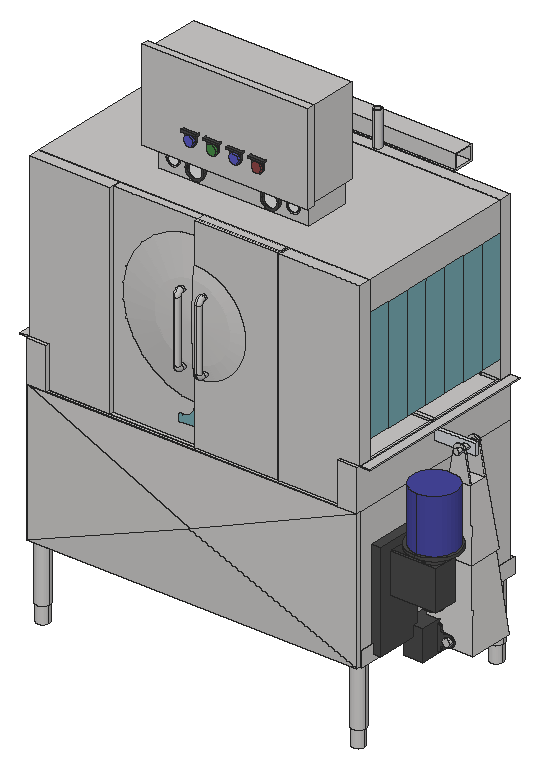
Revit family
Parameters (values of type "Requires Type Catalog QF_Stero_ER-44_L-R_E_cat.txt")
  Width = 3' - 8"
  Weight in Pounds = 850
  Watts = 15000 W
  Watermarked By = "http://revitwatermark.com"
  Waste Water Discharge Temperature [instance] = -459.67 °F
  Volts = 208 V
  Ventilation Remarks [instance] = ""
  URL Cutsheet = ""
  URL = "www.stero.com"
  Total Height = 5' - 10 1/2"
  Table Height = 2' - 10"
  Swing Doors [instance] = no
  Status [instance] = ""
  Standard Doors [instance] = not(Swing Doors)  # yes
  Specification by User [instance] = ""
  Specification by Manufacturer = ""
  Serial Number [instance] = ""
  Seismic Rating [instance] = ""
  SMACNA No [instance] = ""
  Right Ventilation Remarks [instance] = ""
  Right Vent [instance] = no
  Right Exhaust Volume [instance] = if(Right Vent, 400 CFM, 0 CFM)  # 0 CFM
  Right Exhaust Vent Width = 0' - 3 7/8"
  Right Exhaust Vent Text = "Vent, Unload End"
  Right Exhaust Vent Depth = 2' - 0 7/8"
  Right Exhaust Static Press = 0.00 in-wg
  Right Exhaust RI Height [instance] = 0' - 0"
  Right Exhaust Item Number [instance] = "-"
  Revision Code [instance] = ""
  Plumbing Remarks [instance] = ""
  Plumbing Connection Type [instance] = ""
  Phase = 1
  Number of Poles [instance] = 1
  NAFEM Spec ID Number [instance] = ""
  Model = "ER-44"
  Masterspec = ""
  Manufacturer = "Stero"
  Machine Height = 4' - 7 1/2"
  Left Vent [instance] = no
  Item Number [instance] = "-"
  Installed By [instance] = ""
  Indirect Waste Size = 2"
  Indirect Waste Flow [instance] = 0.00 GPM
  Indirect Waste Connection Type [instance] = ""
  Indirect Waste Connection Height = 0' - 6"
  Hot Water Usage Rack = "0.5 Gal/Rack"
  Hot Water Usage = "118 GPH"
  Hot Water Temperature = 180 °F
  Hot Water Size = 3/4"
  Hot Water RI Height [instance] = 0' - 0"
  Hot Water Minimum Pressure = 20.00 psi
  Hot Water Maximum Pressure = 20.00 psi
  Hot Water Flow = 1.97 GPM
  Hot Water Consumption = 1.97 GPM
  Hot Water Connection Height = 5' - 0"
  HP = "2.58"
  Furnished By [instance] = ""
  Foodservice Equipment Identifier [instance] = yes
  FL Amps = 50.4 A
  Exhaust Volume [instance] = if(Left Vent, 200 CFM, 0 CFM)  # 0 CFM
  Exhaust Vent Width = 0' - 3 7/8"
  Exhaust Vent Text = "Vent, Load End"
  Exhaust Vent Depth = 2' - 0 7/8"
  Exhaust Static Press = 0.00 in-wg
  Exhaust RI Height [instance] = 0' - 0"
  Electrical Remarks [instance] = ""
  Electric Connection Type [instance] = ""
  Elec Conn RI Height [instance] = 0' - 0"
  Elec Conn Connection Height = 5' - 8 1/2"
  Double Door Opening [instance] = if(Swing Doors, 3' 0", 1' 10 1/2")  # 1' - 10 1/2"
  Description = "Dishwasher, Conveyor"
  Depth = 2' - 1"
  Cycle = 60 Hz
  Conn Conduit = yes
  CSI MasterFormat = "11 48 13"
  Assembly Code = "E1090320"
  Apparent Power = if(Phase = 3, Volts * FL Amps * 1.73, Volts * FL Amps)  # 10483.2 VA
Values of the unnamed type that differ from the named types
  Watermarked By = ""
Reference planes (in)
  plane 1: z = 0
  plane 2 "LEFT": x = 2.32772
  plane 3 "BACK": y = -48
  plane 4 "TOP": z = 70.5
  plane 5 "RIGHT": x = 46.32772
  plane 6 "FRONT": y = -73
  plane 7 "Left of Top": x = 2.57772
  plane 8 "Right of Top": x = 46.07772
  plane 9 "Left of Ledge": x = 1.07772
  plane 10 "Right of Ledge": x = 47.57772
  plane 11 "Left End Cowl": x = -7.42228
  plane 12 "Right End Cowl": x = 56.32772
  plane 13: x = -0.48478
  plane 14: x = 49.39022
  plane 15 "Bottom of Machine": z = 10
  plane 16 "Table Height": z = 34
  plane 17 "Top of Machine": z = 55.5
  plane 18 "Panel Top": z = 28.5
  plane 19: z = 12
  plane 20: y = -73.5
  plane 21: y = -47.5
  plane 22: x = 2.07772
  plane 23: x = 46.57772
  plane 24: y = -49.625
  plane 25: y = -71.375
  plane 26 "Door Center": x = 24.32772
  plane 27: x = 13.07772
  plane 28: x = 35.57772
  plane 29 "Top of Opening": z = 51.5
  plane 30: z = 2.25
  plane 31: x = 14.32772
  plane 32: x = 34.32772
  plane 33: x = 13.32772
  plane 34: x = 35.32772
  plane 35 "Front of Lower Panel": y = -66.5
  plane 36: y = -60.5
  plane 37: y = -67
  plane 38 "Back of Panel": y = -60
  plane 39 "Front of Upper Panel": y = -68
  plane 40: x = 13.82772
  plane 41: x = 34.82772
  plane 42: x = 56.20272
  plane 43: x = -7.29728
  plane 44: x = -4.35978
  plane 45: x = 53.26522
  plane 46: y = -48.0625
  plane 47: y = -72.9375
  plane 48 "Top of Vents": z = 59.5
  plane 49: x = 9.82772
  plane 50: x = 38.82772
  plane 51: y = -45
  plane 52: z = 57.5
  plane 53: y = -43
  plane 54: z = 84.5
  plane 55: x = 13.32772
  plane 56: x = 35.32772
  plane 57: x = 24.26522
  plane 58: x = 24.39022
  plane 59 "Left Handle": x = 22.89022
  plane 60 "Right Handle": x = 25.76522
  plane 61 "Top of Upper Hinge": z = 52.4375
  plane 62 "Bottom of Upper Hinge": z = 49.4375
  plane 63 "Top of Lower Hinge": z = 35.8125
  plane 64 "Bottom of Lower Hinge": z = 32.8125
Forms (in)
  Extrusion 1, solid, material "QF_Finishes_Stainless Steel"
    sketch origin (0, 0, 10) x (0, 1, 0) y (-1, 0, 0)
      loop
        line (-47.5, -2.07772) -> (-73, -2.07772) -> (-73, -46.57772) -> (-47.5, -46.57772) -> (-47.5, -2.07772)
    from 0 to 2
  Extrusion 2, solid, material "QF_Finishes_Stainless Steel"
    sketch origin (0, 0, 34) x (0, 1, 0) y (-1, 0, 0)
      loop
        line (-71.375, -2.57772) -> (-49.625, -2.57772) -> (-49.625, -4.89022) -> (-48, -4.89022) -> (-48, -2.32772) -> (-73.5, -2.32772) -> (-73.5, -4.89022) -> (-71.375, -4.89022) -> (-71.375, -2.57772)
    from 0 to -5.5
  Extrusion 3, solid, material "QF_Finishes_Stainless Steel"
    sketch origin (0, 0, 28.5) x (0, 1, 0) y (-1, 0, 0)
      loop
        line (-48, -2.32772) -> (-73, -2.32772) -> (-73, -46.32772) -> (-48, -46.32772) -> (-48, -2.32772)
    from 0 to -16.5
  Extrusion 4, solid, material "QF_Finishes_Stainless Steel"
    sketch origin (48.65544, 0, 34) x (0, 1, 0) y (-1, 0, 0)
      loop
        line (-71.375, 2.57772) -> (-71.375, 4.89022) -> (-73.5, 4.89022) -> (-73.5, 2.32772) -> (-48, 2.32772) -> (-48, 4.89022) -> (-49.625, 4.89022) -> (-49.625, 2.57772) -> (-71.375, 2.57772)
    from 0 to -5.5
  Extrusion 5, solid, material "QF_Finishes_Stainless Steel"
    sketch origin (0, 0, 34) x (0, 1, 0) y (-1, 0, 0)
      loop
        line (-48, -2.32772) -> (-48, -1.07772) -> (-73, -1.07772) -> (-73, -2.32772) -> (-48, -2.32772)
    from 0 to -0.125
  Extrusion 6, solid, material "QF_Finishes_Stainless Steel"
    sketch origin (0, 0, 34) x (0, 1, 0) y (-1, 0, 0)
      loop
        line (-48, -46.32772) -> (-73, -46.32772) -> (-73, -47.57772) -> (-48, -47.57772) -> (-48, -46.32772)
    from 0 to -0.125
  Extrusion 7, solid, material "QF_Finishes_Stainless Steel"
    sketch origin (0, 0, 34) x (0, 1, 0) y (-1, 0, 0)
      loop
        line (-48, -4.89022) -> (-49.625, -4.89022) -> (-49.625, -2.57772) -> (-71.375, -2.57772) -> (-71.375, -46.07772) -> (-49.625, -46.07772) -> (-49.625, -43.76522) -> (-48, -43.76522) -> (-48, -4.89022)
    from -0.25 to -5.5
  Extrusion 8, solid, material "QF_Finishes_Stainless Steel"
    sketch origin (0, 0, 34) x (0, 1, 0) y (-1, 0, 0)
      loop
        line (-60.25, -2.57772) -> (-60.75, -2.57772) -> (-60.75, -46.07772) -> (-60.25, -46.07772) -> (-60.25, -2.57772)
      loop
        line (-48, -4.89022) -> (-49.625, -4.89022) -> (-49.625, -43.76522) -> (-48, -43.76522) -> (-48, -4.89022)
    from 0 to -0.25
  Extrusion 9, solid, material "QF_Finishes_Stainless Steel"
    sketch origin (0, 0, 55.5) x (0, 1, 0) y (-1, 0, 0)
      loop
        line (-49.625, -2.32772) -> (-71.375, -2.32772) -> (-71.375, -46.32772) -> (-49.625, -46.32772) -> (-49.625, -2.32772)
    from 0 to -4
  Extrusion 10, solid, material "QF_Finishes_Stainless Steel"
    sketch origin (0, 0, 55.5) x (0, 1, 0) y (-1, 0, 0)
      loop
        line (-48, -2.32772) -> (-49.625, -2.32772) -> (-49.625, -46.32772) -> (-48, -46.32772) -> (-48, -2.32772)
    from 0 to -21.5
  Extrusion 11, solid, material "QF_Finishes_Stainless Steel"
    sketch origin (0, -73, 0) x (-1, 0, 0) y (0, 0, 1)
      loop
        line (-2.32772, 55.5) -> (-13.07772, 55.5) -> (-13.07772, 28.5) -> (-4.89022, 28.5) -> (-4.89022, 34) -> (-2.32772, 34) -> (-2.32772, 55.5)
    from 0 to 1.625
  Blend 12, solid, material "QF_Finishes_Stainless Steel"
    base sketch origin (-15.01335, -74, 48) x (-1, 0, 0) y (0, 0, 1)
      loop
        line (-17.34107, -19.5) -> (-61.34107, -19.5) -> (-61.34107, -38) -> (-17.34107, -38) -> (-17.34107, -19.5)
    top sketch origin (-15.01335, -74, 48) x (-1, 0, 0) y (0, 0, 1)
      loop
        line (-39.37232, -28.71875) -> (-39.37232, -28.78125) -> (-39.30982, -28.78125) -> (-39.30982, -28.71875) -> (-39.37232, -28.71875)
    from 0.5 to 0
  Extrusion 13, solid, material "QF_Finishes_Stainless Steel"
    sketch origin (0, 0, 10) x (0, 1, 0) y (-1, 0, 0)
      loop
        line (-73, -2.32772) -> (-73.5, -2.32772) -> (-73.5, -46.32772) -> (-73, -46.32772) -> (-73, -2.32772)
    from 0 to 18.5
  Extrusion 14, solid, material "QF_Finishes_Stainless Steel"
    sketch origin (0, -73, 0) x (-1, 0, 0) y (0, 0, 1)
      loop
        line (-35.57772, 55.5) -> (-46.32772, 55.5) -> (-46.32772, 34) -> (-43.76522, 34) -> (-43.76522, 28.5) -> (-35.57772, 28.5) -> (-35.57772, 55.5)
    from 0 to 1.625
  Extrusion 15, solid, material "QF_Finishes_Stainless Steel", visible <- "Standard Doors"
    sketch origin (0, 0, 55.5) x (0, 1, 0) y (-1, 0, 0)
      loop
        line (-71.375, -13.07772) -> (-72.5, -13.07772) -> (-72.5, -35.57772) -> (-71.375, -35.57772) -> (-71.375, -13.07772)
    from 0 to -27
  Revolve 16, solid, material "QF_Finishes_Stainless Steel", visible <- "Standard Doors"
    sketch origin (24.32772, 0, 0) x (0, 1, 0) y (0, 0, 1)
      loop
        line (-72.5, 43.5) -> (-72.5, 53.5)
        arc (-72.5, 53.5) -> (-73.26244, 48.52624) -> (-73.5, 43.5) r 48
        line (-73.5, 43.5) -> (-72.5, 43.5)
      axis (-72.5, 43.5) -> (-73.5, 43.5)
    angle from 0 to 360
  Extrusion 17, solid, material "QF_Finishes_Stainless Steel"
    sketch origin (0, 0, 0) x (1, 0, 0) y (0, 1, 0)
      loop
        circle (3.32772, -49) r 0.8125
    from 0 to 2.25
  Extrusion 18, solid, material "QF_Finishes_Stainless Steel"
    sketch origin (0, 0, 0) x (1, 0, 0) y (0, 1, 0)
      loop
        circle (3.32772, -49) r 0.9375
    from 2.25 to 10
  Extrusion 19, solid, material "QF_Finishes_Stainless Steel"
    sketch origin (48.65544, 0, 0) x (-1, 0, 0) y (0, -1, 0)
      loop
        circle (3.32772, 49) r 0.8125
    from 0 to 2.25
  Extrusion 20, solid, material "QF_Finishes_Stainless Steel"
    sketch origin (48.65544, 0, 0) x (-1, 0, 0) y (0, -1, 0)
      loop
        circle (3.32772, 49) r 0.9375
    from 2.25 to 10
  Extrusion 21, solid, material "QF_Finishes_Stainless Steel"
    sketch origin (0, -121, 0) x (1, 0, 0) y (0, 1, 0)
      loop
        circle (3.32772, 49) r 0.8125
    from 0 to 2.25
  Extrusion 22, solid, material "QF_Finishes_Stainless Steel"
    sketch origin (0, -121, 0) x (1, 0, 0) y (0, 1, 0)
      loop
        circle (3.32772, 49) r 0.9375
    from 2.25 to 10
  Extrusion 23, solid, material "QF_Finishes_Stainless Steel"
    sketch origin (48.65544, -121, 0) x (-1, 0, 0) y (0, -1, 0)
      loop
        circle (3.32772, -49) r 0.8125
    from 0 to 2.25
  Extrusion 24, solid, material "QF_Finishes_Stainless Steel"
    sketch origin (48.65544, -121, 0) x (-1, 0, 0) y (0, -1, 0)
      loop
        circle (3.32772, -49) r 0.9375
    from 2.25 to 10
  Extrusion 25, solid, material "QF_Finishes_Light Blue"
    sketch origin (0, 0, 51.5) x (0, 1, 0) y (-1, 0, 0)
      loop
        line (-49.625, -46.32772) -> (-49.625, -46.20272) -> (-52.625, -46.20272) -> (-52.625, -46.32772) -> (-49.625, -46.32772)
      loop
        line (-52.75, -46.32772) -> (-52.75, -46.20272) -> (-55.75, -46.20272) -> (-55.75, -46.32772) -> (-52.75, -46.32772)
      loop
        line (-55.875, -46.32772) -> (-55.875, -46.20272) -> (-58.875, -46.20272) -> (-58.875, -46.32772) -> (-55.875, -46.32772)
      loop
        line (-59, -46.32772) -> (-59, -46.20272) -> (-62, -46.20272) -> (-62, -46.32772) -> (-59, -46.32772)
      loop
        line (-62.125, -46.32772) -> (-62.125, -46.20272) -> (-65.125, -46.20272) -> (-65.125, -46.32772) -> (-62.125, -46.32772)
      loop
        line (-65.25, -46.32772) -> (-65.25, -46.20272) -> (-68.25, -46.20272) -> (-68.25, -46.32772) -> (-65.25, -46.32772)
      loop
        line (-68.375, -46.32772) -> (-68.375, -46.20272) -> (-71.375, -46.20272) -> (-71.375, -46.32772) -> (-68.375, -46.32772)
    from 0 to -15
  Extrusion 26, solid, material "QF_Finishes_Light Blue"
    sketch origin (48.65544, 0, 51.5) x (0, 1, 0) y (-1, 0, 0)
      loop
        line (-49.625, 46.32772) -> (-52.625, 46.32772) -> (-52.625, 46.20272) -> (-49.625, 46.20272) -> (-49.625, 46.32772)
      loop
        line (-52.75, 46.32772) -> (-55.75, 46.32772) -> (-55.75, 46.20272) -> (-52.75, 46.20272) -> (-52.75, 46.32772)
      loop
        line (-55.875, 46.32772) -> (-58.875, 46.32772) -> (-58.875, 46.20272) -> (-55.875, 46.20272) -> (-55.875, 46.32772)
      loop
        line (-59, 46.32772) -> (-62, 46.32772) -> (-62, 46.20272) -> (-59, 46.20272) -> (-59, 46.32772)
      loop
        line (-62.125, 46.32772) -> (-65.125, 46.32772) -> (-65.125, 46.20272) -> (-62.125, 46.20272) -> (-62.125, 46.32772)
      loop
        line (-65.25, 46.32772) -> (-68.25, 46.32772) -> (-68.25, 46.20272) -> (-65.25, 46.20272) -> (-65.25, 46.32772)
      loop
        line (-68.375, 46.32772) -> (-71.375, 46.32772) -> (-71.375, 46.20272) -> (-68.375, 46.20272) -> (-68.375, 46.32772)
    from 0 to -15
  Extrusion 27, solid, material "QF_Finishes_Stainless Steel"
    sketch origin (0, 0, 55.5) x (0, 1, 0) y (-1, 0, 0)
      loop
        line (-60.5, -14.32772) -> (-66.5, -14.32772) -> (-66.5, -34.32772) -> (-60.5, -34.32772) -> (-60.5, -14.32772)
    from 0 to 3.5
  Extrusion 28, solid, material "QF_Finishes_Stainless Steel"
    sketch origin (0, 0, 55.5) x (0, 1, 0) y (-1, 0, 0)
      loop
        line (-60, -13.82772) -> (-67, -13.82772) -> (-67, -34.82772) -> (-60, -34.82772) -> (-60, -13.82772)
    from 3 to 14.5
  Extrusion 29, solid, material "QF_Finishes_Stainless Steel"
    sketch origin (0, 0, 55.5) x (0, 1, 0) y (-1, 0, 0)
      loop
        line (-67, -13.32772) -> (-68, -13.32772) -> (-68, -35.32772) -> (-67, -35.32772) -> (-67, -13.32772)
    from 3 to 15
  Extrusion 30, solid, material "QF_Finishes_Black"
    sketch origin (0, -66.5, 0) x (-1, 0, 0) y (0, 0, 1)
      loop
        circle (-19.32772, 57) r 1.25
      loop
        circle (-19.32772, 57) r 1
    from 0 to -0.25
  Extrusion 31, solid, material "QF_Finishes_Stainless Steel"
    sketch origin (0, -66.5, 0) x (-1, 0, 0) y (0, 0, 1)
      loop
        circle (-16.32772, 57.25) r 0.75
      loop
        circle (-16.32772, 57.25) r 0.875
    from 0 to -0.125
  Extrusion 32, solid, material "QF_Finishes_White"
    sketch origin (0, -66.5, 0) x (-1, 0, 0) y (0, 0, 1)
      loop
        circle (-16.32772, 57.25) r 0.75
    from 0 to -0.0625
  Extrusion 33, solid, material "QF_Finishes_White"
    sketch origin (0, -66.5, 0) x (-1, 0, 0) y (0, 0, 1)
      loop
        circle (-19.32772, 57) r 1
    from 0 to -0.0625
  Extrusion 34, solid, material "QF_Finishes_Black"
    sketch origin (48.65544, -66.5, 0) x (1, 0, 0) y (0, 0, -1)
      loop
        circle (-19.32772, -57) r 1.25
      loop
        circle (-19.32772, -57) r 1
    from 0 to -0.25
  Extrusion 35, solid, material "QF_Finishes_Stainless Steel"
    sketch origin (48.65544, -66.5, 0) x (1, 0, 0) y (0, 0, -1)
      loop
        circle (-16.32772, -57.25) r 0.75
      loop
        circle (-16.32772, -57.25) r 0.875
    from 0 to -0.125
  Extrusion 36, solid, material "QF_Finishes_White"
    sketch origin (48.65544, -66.5, 0) x (1, 0, 0) y (0, 0, -1)
      loop
        circle (-16.32772, -57.25) r 0.75
    from 0 to -0.0625
  Extrusion 37, solid, material "QF_Finishes_White"
    sketch origin (48.65544, -66.5, 0) x (1, 0, 0) y (0, 0, -1)
      loop
        circle (-19.32772, -57) r 1
    from 0 to -0.0625
  Extrusion 38, solid, material "QF_Finishes_Black"
    sketch origin (0, -68, 0) x (-1, 0, 0) y (0, 0, 1)
      loop
        line (-23.82772, 62.5) -> (-23.82772, 62.25) -> (-21.82772, 62.25) -> (-21.82772, 62.5) -> (-23.82772, 62.5)
      loop
        line (-20.82772, 62.5) -> (-20.82772, 62.25) -> (-18.82772, 62.25) -> (-18.82772, 62.5) -> (-20.82772, 62.5)
      loop
        line (-24.82772, 62.5) -> (-26.82772, 62.5) -> (-26.82772, 62.25) -> (-24.82772, 62.25) -> (-24.82772, 62.5)
      loop
        line (-27.82772, 62.5) -> (-29.82772, 62.5) -> (-29.82772, 62.25) -> (-27.82772, 62.25) -> (-27.82772, 62.5)
    from 0 to -0.5
  Extrusion 39, solid, material "QF_Finishes_Navy Blue"
    sketch origin (0, -68, 0) x (-1, 0, 0) y (0, 0, 1)
      loop
        circle (-19.82772, 61.375) r 0.625
    from -0.125 to -0.375
  Extrusion 40, solid, material "QF_Finishes_LED Green"
    sketch origin (3, -68, 0) x (-1, 0, 0) y (0, 0, 1)
      loop
        circle (-19.82772, 61.375) r 0.625
    from -0.125 to -0.375
  Extrusion 41, solid, material "QF_Finishes_Navy Blue"
    sketch origin (6, -68, 0) x (-1, 0, 0) y (0, 0, 1)
      loop
        circle (-19.82772, 61.375) r 0.625
    from -0.125 to -0.375
  Extrusion 42, solid, material "QF_Finishes_LED Red"
    sketch origin (9, -68, 0) x (-1, 0, 0) y (0, 0, 1)
      loop
        circle (-19.82772, 61.375) r 0.625
    from -0.125 to -0.375
  Extrusion 43, solid, material "QF_Finishes_Black"
    sketch origin (0, -68, 0) x (-1, 0, 0) y (0, 0, 1)
      loop
        arc (-20.57772, 61.375) -> (-19.82772, 60.625) -> (-19.07772, 61.375) r 0.75
        line (-19.07772, 61.375) -> (-19.07772, 62.25) -> (-20.57772, 62.25) -> (-20.57772, 61.375)
      loop
        arc (-23.57772, 61.375) -> (-22.82772, 60.625) -> (-22.07772, 61.375) r 0.75
        line (-22.07772, 61.375) -> (-22.07772, 62.25) -> (-23.57772, 62.25) -> (-23.57772, 61.375)
      loop
        arc (-26.57772, 61.375) -> (-25.82772, 60.625) -> (-25.07772, 61.375) r 0.75
        line (-25.07772, 61.375) -> (-25.07772, 62.25) -> (-26.57772, 62.25) -> (-26.57772, 61.375)
      loop
        arc (-29.57772, 61.375) -> (-28.82772, 60.625) -> (-28.07772, 61.375) r 0.75
        line (-28.07772, 61.375) -> (-28.07772, 62.25) -> (-29.57772, 62.25) -> (-29.57772, 61.375)
    from 0 to -0.125
  Extrusion 44, solid, material "QF_Finishes_Light Blue", visible <- "Standard Doors"
    sketch origin (0, -73, 0) x (-1, 0, 0) y (0, 0, 1)
      loop
        line (-23.71645, 30.65632) -> (-22.08461, 30.57309)
        arc (-22.08461, 30.57309) -> (-21.90443, 30.64773) -> (-21.82979, 30.82792) r 0.25483
        line (-21.82979, 30.82792) -> (-21.82979, 31.31285)
        arc (-21.82979, 31.31285) -> (-21.90343, 31.49062) -> (-22.08121, 31.56426) r 0.25142
        arc (-22.08121, 31.56426) -> (-23.22593, 31.7803) -> (-23.90311, 32.72819) r 1.56264
        arc (-23.90311, 32.72819) -> (-24.31726, 33.06213) -> (-24.74741, 32.74907) r 0.43733
        arc (-24.74741, 32.74907) -> (-25.42049, 31.78611) -> (-26.57423, 31.56426) r 1.56264
        arc (-26.57423, 31.56426) -> (-26.75201, 31.49062) -> (-26.82565, 31.31285) r 0.25142
        line (-26.82565, 31.31285) -> (-26.82565, 30.82792)
        arc (-26.82565, 30.82792) -> (-26.75101, 30.64773) -> (-26.57082, 30.57309) r 0.25483
        line (-26.57082, 30.57309) -> (-24.93898, 30.65632)
        arc (-24.93898, 30.65632) -> (-24.32772, 30.6719) -> (-23.71645, 30.65632) r 12
    from 0.5 to 0.4375
  Extrusion 45, solid, material "QF_Finishes_Stainless Steel", visible <- "Right Vent"
    sketch origin (46.07772, 0, 0) x (0, -1, 0) y (0, 0, 1)
      loop
        line (73, 55.5) -> (48, 55.5) -> (48, 50.5625) -> (49.625, 48.9375) -> (49.625, 49.11428) -> (48.125, 50.61428) -> (48.125, 55.375) -> (72.875, 55.375) -> (72.875, 39.17678) -> (71.375, 37.67678) -> (71.375, 37.5) -> (73, 39.125) -> (73, 55.5)
    from -0.25 to -10.125
  Extrusion 46, solid, material "QF_Finishes_Stainless Steel", visible <- "Left Vent"
    sketch origin (2.57772, 0, 0) x (0, 1, 0) y (0, 0, 1)
      loop
        line (-73, 55.5) -> (-73, 39.125) -> (-71.375, 37.5) -> (-71.375, 37.67678) -> (-72.875, 39.17678) -> (-72.875, 55.375) -> (-48.125, 55.375) -> (-48.125, 50.61428) -> (-49.625, 49.11428) -> (-49.625, 48.9375) -> (-48, 50.5625) -> (-48, 55.5) -> (-73, 55.5)
    from 0 to -9.875
  Extrusion 47, solid, material "QF_Finishes_Stainless Steel", visible <- "Right Vent"
    sketch origin (56.32772, 0, 0) x (0, 1, 0) y (0, 0, 1)
      loop
        line (-71.375, 37.5) -> (-71.375, 51.5) -> (-49.625, 51.5) -> (-49.625, 48.9375) -> (-48, 50.5625) -> (-48, 55.5) -> (-73, 55.5) -> (-73, 39.125) -> (-71.375, 37.5)
    from 0 to -0.125
  Extrusion 48, solid, material "QF_Finishes_Stainless Steel", visible <- "Left Vent"
    sketch origin (-7.42228, 0, 0) x (0, 1, 0) y (0, 0, 1)
      loop
        line (-71.375, 37.5) -> (-71.375, 51.5) -> (-49.625, 51.5) -> (-49.625, 48.9375) -> (-48, 50.5625) -> (-48, 55.5) -> (-73, 55.5) -> (-73, 39.125) -> (-71.375, 37.5)
    from 0 to 0.125
  Extrusion 49, solid, material "QF_Finishes_Stainless Steel", visible <- "Left Vent"
    sketch origin (0, 0, 55.5) x (0, 1, 0) y (-1, 0, 0)
      loop
        line (-48.0625, 4.35978) -> (-72.9375, 4.35978) -> (-72.9375, 0.48478) -> (-48.0625, 0.48478) -> (-48.0625, 4.35978)
      loop
        line (-48.1875, 4.23478) -> (-72.8125, 4.23478) -> (-72.8125, 0.60978) -> (-48.1875, 0.60978) -> (-48.1875, 4.23478)
    from 0 to 4
  Extrusion 50, solid, material "QF_Finishes_Stainless Steel", visible <- "Right Vent"
    sketch origin (48.65544, 0, 55.5) x (0, 1, 0) y (-1, 0, 0)
      loop
        line (-48.0625, -4.60978) -> (-48.0625, -0.73478) -> (-72.9375, -0.73478) -> (-72.9375, -4.60978) -> (-48.0625, -4.60978)
      loop
        line (-48.1875, -4.48478) -> (-48.1875, -0.85978) -> (-72.8125, -0.85978) -> (-72.8125, -4.48478) -> (-48.1875, -4.48478)
    from 0 to 4
  Extrusion 51, void
    sketch origin (0, 0, 55.5) x (0, 1, 0) y (-1, 0, 0)
      loop
        line (-48.1875, 4.23478) -> (-72.8125, 4.23478) -> (-72.8125, 0.60978) -> (-48.1875, 0.60978) -> (-48.1875, 4.23478)
    from 0 to -0.125
  Extrusion 52, void
    sketch origin (0, 0, 55.5) x (0, 1, 0) y (-1, 0, 0)
      loop
        line (-48.1875, -49.51522) -> (-72.8125, -49.51522) -> (-72.8125, -53.14022) -> (-48.1875, -53.14022) -> (-48.1875, -49.51522)
    from 0 to -0.125
  Extrusion 53, solid, material "QF_Finishes_Black"
    sketch origin (0, -73, 0) x (-1, 0, 0) y (0, 0, 1)
      loop
        line (-46.57772, 12) -> (-46.32772, 12) -> (-46.32772, 23.9375) -> (-47.70272, 23.9375) -> (-47.70272, 10.9375) -> (-46.57772, 10.9375) -> (-46.57772, 12)
    from 1.8125 to 7.8125
  Extrusion 54, solid, material "QF_Finishes_Black"
    sketch origin (0, 0, 10) x (0, 1, 0) y (-1, 0, 0)
      loop
        circle (-68.1875, -52.32772) r 1.0625
    from 7.1875 to 7.6875
  Extrusion 55, solid, material "QF_Finishes_Black"
    sketch origin (0, 0, 10) x (0, 1, 0) y (-1, 0, 0)
      loop
        circle (-68.1875, -52.32772) r 1.3125
    from 12.9375 to 13.4375
  Blend 56, solid, material "QF_Finishes_Black"
    base sketch origin (0, 0, 10) x (0, 1, 0) y (-1, 0, 0)
      loop
        circle (-68.1875, -52.32772) r 1.3125
    top sketch origin (0, 0, 10) x (0, 1, 0) y (-1, 0, 0)
      loop
        circle (-68.1875, -52.32772) r 2.0625
    from 13.4375 to 14.4375
  Extrusion 57, solid, material "QF_Finishes_Black"
    sketch origin (0, 0, 10) x (0, 1, 0) y (-1, 0, 0)
      loop
        circle (-68.1875, -52.32772) r 3.25
    from 14.4375 to 14.8125
  Extrusion 58, solid, material "QF_Finishes_Blue"
    sketch origin (0, 0, 10) x (0, 1, 0) y (-1, 0, 0)
      loop
        circle (-68.1875, -52.32772) r 2.875
    from 14.8125 to 21.9375
  Extrusion 59, solid
    sketch origin (0, -73, 0) x (-1, 0, 0) y (0, 0, 1)
      loop
        line (-46.32772, 33.1875) -> (-51.82772, 33.1875) -> (-51.82772, 31.6875) -> (-46.32772, 31.6875) -> (-46.32772, 33.1875)
      loop
        circle (-50.57772, 32.4375) r 0.375
    from 12.3125 to 12.6875
  Extrusion 60, solid, material "QF_Finishes_Black"
    sketch origin (0, -73, 0) x (-1, 0, 0) y (0, 0, 1)
      loop
        line (-46.32772, 12) -> (-46.32772, 12.4375) -> (-49.07772, 12.4375) -> (-49.07772, 8.4375) -> (-46.57772, 8.4375) -> (-46.57772, 12) -> (-46.32772, 12)
    from 7 to 18
  Extrusion 61, solid, material "QF_Finishes_Black"
    sketch origin (0, -73, 0) x (-1, 0, 0) y (0, 0, 1)
      loop
        line (-49.07772, 12.125) -> (-49.32772, 12.125)
        arc (-49.32772, 12.125) -> (-49.5045, 12.05178) -> (-49.57772, 11.875) r 0.25
        line (-49.57772, 11.875) -> (-49.57772, 11.5625)
        arc (-49.57772, 11.5625) -> (-49.68755, 11.29733) -> (-49.95272, 11.1875) r 0.375
        line (-49.95272, 11.1875) -> (-50.57772, 11.1875)
        arc (-50.57772, 11.1875) -> (-51.32772, 10.4375) -> (-50.57772, 9.6875) r 0.75
        line (-50.57772, 9.6875) -> (-49.95272, 9.6875)
        arc (-49.95272, 9.6875) -> (-49.68755, 9.57767) -> (-49.57772, 9.3125) r 0.375
        line (-49.57772, 9.3125) -> (-49.57772, 9)
        arc (-49.57772, 9) -> (-49.5045, 8.82322) -> (-49.32772, 8.75) r 0.25
        line (-49.32772, 8.75) -> (-49.07772, 8.75) -> (-49.07772, 12.125)
      loop
        circle (-50.57772, 10.4375) r 0.5
    from 9.375 to 9.5
  Extrusion 62, solid, material "QF_Finishes_Black"
    sketch origin (0, -66.875, 0) x (-1, 0, 0) y (0, 0, 1)
      loop
        line (-49.07772, 12.125) -> (-49.32772, 12.125)
        arc (-49.32772, 12.125) -> (-49.5045, 12.05178) -> (-49.57772, 11.875) r 0.25
        line (-49.57772, 11.875) -> (-49.57772, 11.5625)
        arc (-49.57772, 11.5625) -> (-49.68755, 11.29733) -> (-49.95272, 11.1875) r 0.375
        line (-49.95272, 11.1875) -> (-50.57772, 11.1875)
        arc (-50.57772, 11.1875) -> (-51.32772, 10.4375) -> (-50.57772, 9.6875) r 0.75
        line (-50.57772, 9.6875) -> (-49.95272, 9.6875)
        arc (-49.95272, 9.6875) -> (-49.68755, 9.57767) -> (-49.57772, 9.3125) r 0.375
        line (-49.57772, 9.3125) -> (-49.57772, 9)
        arc (-49.57772, 9) -> (-49.5045, 8.82322) -> (-49.32772, 8.75) r 0.25
        line (-49.32772, 8.75) -> (-49.07772, 8.75) -> (-49.07772, 12.125)
      loop
        circle (-50.57772, 10.4375) r 0.5
    from 9.375 to 9.5
  Extrusion 63, solid, material "QF_Finishes_Stainless Steel"
    sketch origin (0, -73, 0) x (-1, 0, 0) y (0, 0, 1)
      loop
        circle (-50.57772, 32.4375) r 0.375
      loop
        line (-51.31584, 32.57045) -> (-52.01522, 28.6875) -> (-49.14022, 28.6875) -> (-49.8396, 32.57045)
        arc (-49.8396, 32.57045) -> (-50.57772, 33.1875) -> (-51.31584, 32.57045) r 0.75
    from 11.25 to 11.375
  Extrusion 64, solid, material "QF_Finishes_Stainless Steel"
    sketch origin (0, -48, 0) x (-1, 0, 0) y (0, 0, -1)
      loop
        circle (-50.57772, -32.4375) r 0.375
      loop
        arc (-51.31584, -32.57045) -> (-50.57772, -33.1875) -> (-49.8396, -32.57045) r 0.75
        line (-49.8396, -32.57045) -> (-49.14022, -28.6875) -> (-52.01522, -28.6875) -> (-51.31584, -32.57045)
    from 11.25 to 11.375
  Extrusion 65, solid, material "QF_Finishes_Stainless Steel"
    sketch origin (0, -73, 0) x (-1, 0, 0) y (0, 0, 1)
      loop
        circle (-50.57772, 32.4375) r 0.375
    from 10.75 to 14.25
  Blend 66, solid, material "QF_Finishes_Stainless Steel"
    base sketch origin (0, 0, 34) x (0, 1, 0) y (-1, 0, 0)
      loop
        line (-58.25, -47.89022) -> (-62.75, -47.89022) -> (-62.75, -53.01522) -> (-58.25, -53.01522) -> (-58.25, -47.89022)
    top sketch origin (0, 0, 34) x (0, 1, 0) y (-1, 0, 0)
      loop
        line (-59.25, -49.14022) -> (-61.75, -49.14022) -> (-61.75, -52.01522) -> (-59.25, -52.01522) -> (-59.25, -49.14022)
    from -14.0625 to -5.3125
  Blend 67, solid, material "QF_Finishes_Stainless Steel"
    base sketch origin (0, 0, 25.25) x (0, 1, 0) y (-1, 0, 0)
      loop
        line (-57.5, -47.14022) -> (-63.5, -47.14022) -> (-63.5, -53.76522) -> (-57.5, -53.76522) -> (-57.5, -47.14022)
    top sketch origin (0, 0, 25.25) x (0, 1, 0) y (-1, 0, 0)
      loop
        line (-58.5, -48.14022) -> (-62.5, -48.14022) -> (-62.5, -52.76522) -> (-58.5, -52.76522) -> (-58.5, -48.14022)
    from -15.5625 to -5.3125
  Extrusion 68, solid, material "QF_Finishes_Stainless Steel"
    sketch origin (0, -73, -22) x (-1, 0, 0) y (0, 0, 1)
      loop
        circle (-50.57772, 32.4375) r 0.5
    from 9 to 16
  Extrusion 69, solid, material "QF_Finishes_Stainless Steel"
    sketch origin (0, 0, 55.5) x (0, 1, 0) y (-1, 0, 0)
      loop
        circle (-48.75, -29.32772) r 0.375
      loop
        circle (-48.75, -29.32772) r 0.5
    from 0 to 4.5
  Extrusion 70, solid, material "QF_Finishes_Stainless Steel"
    sketch origin (2.32772, 0, 0) x (0, 1, 0) y (0, 0, 1)
      loop
        line (-45, 57.5) -> (-47.75, 57.5) -> (-47.75, 55.5) -> (-45, 55.5) -> (-45, 57.5)
      loop
        line (-45.125, 57.375) -> (-47.625, 57.375) -> (-47.625, 55.625) -> (-45.125, 55.625) -> (-45.125, 57.375)
    from 7.5 to 36.5
  Extrusion 71, solid, material "QF_Finishes_Stainless Steel"
    sketch origin (2.32772, 0, 0) x (0, 1, 0) y (0, 0, 1)
      loop
        line (-47.75, 55.5) -> (-47.75, 55.625) -> (-48, 55.625) -> (-48, 55.5) -> (-47.75, 55.5)
    from 7.5 to 36.5
  Extrusion 72, solid, material "QF_Finishes_Stainless Steel"
    sketch origin (0, -60, 0) x (-1, 0, 0) y (0, 0, 1)
      loop
        circle (-34.32772, 68.5) r 0.25
    from 0 to 0.0625
  Extrusion 73, solid, material "QF_Finishes_Stainless Steel"
    sketch origin (0, 0, 10) x (0, 1, 0) y (-1, 0, 0)
      loop
        circle (-50, -18.32772) r 1
      loop
        circle (-50, -18.32772) r 1.125
    from 0 to -4
  Extrusion 74, solid, material "QF_Finishes_Clearance", detail levels coarse
    sketch origin (0, 0, 0) x (1, 0, 0) y (0, 1, 0)
      loop
        line (1.07772, -47.5) -> (9.82772, -47.5) -> (9.82772, -45) -> (38.82772, -45) -> (38.82772, -47.5) -> (47.57772, -47.5) -> (47.57772, -43) -> (1.07772, -43) -> (1.07772, -47.5)
    from 0 to 70.5
  Extrusion 75, solid, material "QF_Finishes_Clearance", visible <- "Standard Doors", detail levels coarse
    sketch origin (0, -73, 0) x (-1, 0, 0) y (0, 0, 1)
      loop
        line (-13.07772, 84.5) -> (-35.57772, 84.5) -> (-35.57772, 55.5) -> (-13.07772, 55.5) -> (-13.07772, 84.5)
    from 0 to 1.625
  Extrusion 76, solid, material "QF_Finishes_Clearance", visible <- "Right Vent", detail levels coarse
    sketch origin (0, 0, 0) x (1, 0, 0) y (0, 1, 0)
      loop
        line (47.57772, -43) -> (47.57772, -47.5) -> (56.32772, -47.5) -> (56.32772, -43) -> (47.57772, -43)
    from 0 to 70.5
  Extrusion 77, solid, material "QF_Finishes_Clearance", visible <- "Left Vent", detail levels coarse
    sketch origin (0, 0, 0) x (1, 0, 0) y (0, 1, 0)
      loop
        line (-7.42228, -43) -> (-7.42228, -47.5) -> (1.07772, -47.5) -> (1.07772, -43) -> (-7.42228, -43)
    from 0 to 70.5
  Extrusion 78, solid, material "QF_Finishes_Stainless Steel", visible <- "Swing Doors"
    sketch origin (0, 0, 55.5) x (0, 1, 0) y (-1, 0, 0)
      loop
        line (-71.375, -13.32772) -> (-73, -13.32772) -> (-73, -24.26522) -> (-71.375, -24.26522) -> (-71.375, -13.32772)
    from 0 to -27
  Extrusion 79, solid, material "QF_Finishes_Stainless Steel"
    sketch origin (0, 0, 55.5) x (0, 1, 0) y (-1, 0, 0)
      loop
        line (-71.375, -24.39022) -> (-73, -24.39022) -> (-73, -35.32772) -> (-71.375, -35.32772) -> (-71.375, -24.39022)
    from 0 to -27
  Extrusion 80, solid, material "QF_Finishes_Stainless Steel", visible <- "Swing Doors"
    sketch origin (0, 0, 52.4375) x (0, 1, 0) y (-1, 0, 0)
      loop
        circle (-73.25, -13.07772) r 0.25
    from 0 to -3
  Extrusion 81, solid, material "QF_Finishes_Stainless Steel", visible <- "Swing Doors"
    sketch origin (0, 0, 35.8125) x (0, 1, 0) y (-1, 0, 0)
      loop
        circle (-73.25, -13.07772) r 0.25
    from 0 to -3
  Extrusion 82, solid, material "QF_Finishes_Stainless Steel", visible <- "Swing Doors"
    sketch origin (33.5, 0, 52.4375) x (0, 1, 0) y (-1, 0, 0)
      loop
        circle (-73.25, -2.07772) r 0.25
    from 0 to -3
  Extrusion 83, solid, material "QF_Finishes_Stainless Steel", visible <- "Swing Doors"
    sketch origin (33.5, 0, 35.8125) x (0, 1, 0) y (-1, 0, 0)
      loop
        circle (-73.25, -2.07772) r 0.25
    from 0 to -3
  Sweep 84, solid, material "QF_Finishes_Stainless Steel"
    path origin (22.89022, 0, 0) x (0, 1, 0) y (0, 0, 1)
      loop
        line (-73, 47.0625) -> (-73.625, 47.0625)
        arc (-73.625, 47.0625) -> (-73.97855, 46.91605) -> (-74.125, 46.5625) r 0.5
        line (-74.125, 46.5625) -> (-74.125, 38.3125)
        arc (-74.125, 38.3125) -> (-73.97855, 37.95895) -> (-73.625, 37.8125) r 0.5
        line (-73.625, 37.8125) -> (-73, 37.8125)
    profile origin (22.89022, -73.3125, 47.0625) x (0, 0, -1) y (1, 0, 0)
      loop
        circle (0, 0) r 0.375
  Sweep 85, solid, material "QF_Finishes_Stainless Steel"
    path origin (25.76522, 0, 0) x (0, 1, 0) y (0, 0, 1)
      loop
        line (-73, 47.0625) -> (-73.625, 47.0625)
        arc (-73.625, 47.0625) -> (-73.97855, 46.91605) -> (-74.125, 46.5625) r 0.5
        line (-74.125, 46.5625) -> (-74.125, 38.3125)
        arc (-74.125, 38.3125) -> (-73.97855, 37.95895) -> (-73.625, 37.8125) r 0.5
        line (-73.625, 37.8125) -> (-73, 37.8125)
    profile origin (25.76522, -73.3125, 47.0625) x (0, 0, -1) y (1, 0, 0)
      loop
        circle (0, 0) r 0.375
  Extrusion 86, solid, material "QF_Finishes_Black"
    sketch origin (-0.125, -0.00885, 10) x (0, 1, 0) y (-1, 0, 0)
      loop
        line (-66.875, -52.32772) -> (-66.875, -47.95272) -> (-69.5, -47.95272) -> (-69.5, -52.32772)
        arc (-69.5, -52.32772) -> (-68.1875, -51.01522) -> (-66.875, -52.32772) r 1.3125
      loop
        line (-69.75, -53.95272) -> (-66.625, -53.95272) -> (-66.625, -47.82772) -> (-69.75, -47.82772) -> (-69.75, -53.95272)
    from 7.6875 to 12.9375
Cuts and joins
  Extrusion 51 cuts Extrusion 46
  Extrusion 51 cuts Extrusion 49
  Extrusion 52 cuts Extrusion 45
  Extrusion 52 cuts Extrusion 50
Lines and regions (in)
  symbolic lines
    curve 1: line (1.02302, -48, 10) -> (47.57772, -48, 10)
    curve 2: line (2.32772, -73, 10) -> (2.32772, -48, 10)
    curve 3: line (47.57772, -73, 10) -> (1.07772, -73, 10)
    curve 4: line (46.32772, -48, 10) -> (46.32772, -73, 10)
    curve 11: line (9.82772, -48, 10) -> (9.82772, -45, 10)
    curve 12: line (9.82772, -45, 10) -> (38.82772, -45, 10)
    curve 13: line (38.82772, -45, 10) -> (38.82772, -48, 10)
    curve 14: line (1.07772, -48, 10) -> (1.07772, -73, 10)
    curve 15: line (47.57772, -48, 10) -> (47.57772, -73, 10)
    curve 16: line (13.82772, -60, 10) -> (34.82772, -60, 10)
    curve 17: line (13.82772, -67, 10) -> (13.82772, -60, 10)
    curve 18: line (34.82772, -67, 10) -> (13.82772, -67, 10)
    curve 19: line (34.82772, -60, 10) -> (34.82772, -67, 10)
    curve 20: line (34.82772, -67, 10) -> (35.32772, -67, 10)
    curve 21: line (35.32772, -67, 10) -> (35.32772, -68, 10)
    curve 22: line (35.32772, -68, 10) -> (13.32772, -68, 10)
    curve 23: line (13.32772, -68, 10) -> (13.32772, -67, 10)
    curve 24: line (13.32772, -67, 10) -> (13.82772, -67, 10)
  symbolic lines, visible <- "Left Vent"
    curve 5: line (2.32772, -48, 10) -> (-7.42228, -48, 10)
    curve 6: line (-7.42228, -48, 10) -> (-7.42228, -73, 10)
    curve 7: line (-7.42228, -73, 10) -> (2.32772, -73, 10)
    curve 25: line (-4.35978, -48.0625, 10) -> (-0.48478, -48.0625, 10)
    curve 26: line (-4.35978, -72.9375, 10) -> (-4.35978, -48.0625, 10)
    curve 27: line (-0.48478, -72.9375, 10) -> (-4.35978, -72.9375, 10)
    curve 28: line (-0.48478, -48.0625, 10) -> (-0.48478, -72.9375, 10)
  symbolic lines, visible <- "Right Vent"
    curve 8: line (46.32772, -48, 10) -> (56.32772, -48, 10)
    curve 9: line (56.32772, -48, 10) -> (56.32772, -73, 10)
    curve 10: line (56.32772, -73, 10) -> (46.32772, -73, 10)
    curve 29: line (49.39022, -48.0625, 10) -> (53.26522, -48.0625, 10)
    curve 30: line (49.39022, -72.9375, 10) -> (49.39022, -48.0625, 10)
    curve 31: line (53.26522, -72.9375, 10) -> (49.39022, -72.9375, 10)
    curve 32: line (53.26522, -48.0625, 10) -> (53.26522, -72.9375, 10)
  symbolic lines, style "QF_Clearances", visible <- "Left Vent", detail levels coarse
    curve 33: line (-7.42228, -47.5, 0) -> (-7.42228, -43, 0)
    curve 34: line (-7.42228, -43, 0) -> (1.07772, -43, 0)
  symbolic lines, style "QF_Clearances", detail levels coarse
    curve 35: line (1.07772, -43, 0) -> (47.57772, -43, 0)
  symbolic lines, style "QF_Clearances", visible <- "Right Vent", detail levels coarse
    curve 36: line (47.57772, -43, 0) -> (56.32772, -43, 0)
    curve 37: line (56.32772, -43, 0) -> (56.32772, -47.5, 0)
  symbolic lines, style "QF_Clearances", visible <- "Swing Doors", detail levels coarse
    curve 38: line (13.07772, -73, 52.4375) -> (13.07772, -84.1875, 52.4375)
    curve 39: arc (13.07772, -84.1875, 52.4375) -> (20.98848, -80.91076, 52.4375) -> (24.26522, -73, 52.4375) r 11.1875
    curve 40: line (35.57772, -73, 52.4375) -> (35.57772, -84.1875, 52.4375)
    curve 41: arc (35.57772, -84.1875, 52.4375) -> (27.66696, -80.91076, 52.4375) -> (24.39022, -73, 52.4375) r 11.1875
  symbolic lines, style "SpecialityEquipment"
    curve 42: line (13.07772, -73, 52.4375) -> (13.07772, -71.375, 52.4375)
    curve 43: line (13.07772, -71.375, 52.4375) -> (35.57772, -71.375, 52.4375)
    curve 44: line (35.57772, -71.375, 52.4375) -> (35.57772, -73, 52.4375)
  symbolic lines, style "SpecialityEquipment", visible <- "Standard Doors"
    curve 45: line (35.57772, -72.5, 52.4375) -> (13.07772, -72.5, 52.4375)
  symbolic lines, visible <- "Swing Doors"
    curve 46: line (24.39022, -71.375, 52.4375) -> (24.39022, -73, 52.4375)
    curve 47: line (24.26522, -73, 52.4375) -> (24.26522, -71.375, 52.4375)
    curve 48: line (22.51522, -73, 52.4375) -> (22.51522, -74.125, 52.4375)
    curve 49: line (23.26522, -73, 52.4375) -> (23.26522, -74.125, 52.4375)
    curve 50: line (25.39022, -73, 52.4375) -> (25.39022, -74.125, 52.4375)
    curve 51: line (26.14022, -73, 52.4375) -> (26.14022, -74.125, 52.4375)
    curve 52: arc (22.51522, -74.125, 52.4375) -> (22.89022, -74.5, 52.4375) -> (23.26522, -74.125, 52.4375) r 0.375
    curve 53: arc (25.39022, -74.125, 52.4375) -> (25.76522, -74.5, 52.4375) -> (26.14022, -74.125, 52.4375) r 0.375
  symbolic lines, style "QF_Surface Details"
    curve 54: line (9.82772, -55, 52.4375) -> (38.82772, -55, 52.4375)
    curve 55: line (38.82772, -55, 52.4375) -> (34.32772, -52.50561, 52.4375)
    curve 56: line (38.82772, -55, 52.4375) -> (34.32772, -57.49439, 52.4375)
Dimensions and locks (in)
  "Width": plane 2 "LEFT" to plane 5 "RIGHT"
  "Depth": plane 6 "FRONT" to plane 3 "BACK"
  locked: plane 2 "LEFT" to plane 7 "Left of Top" at 0.25
  locked: plane 8 "Right of Top" to plane 5 "RIGHT" at 0.25
  locked: plane 9 "Left of Ledge" to plane 7 "Left of Top" at 1.5
  locked: plane 8 "Right of Top" to plane 10 "Right of Ledge" at 1.5
  locked: plane 11 "Left End Cowl" to plane 7 "Left of Top" at 10
  locked: plane 13 to plane 7 "Left of Top" at 3.0625
  locked: plane 15 "Bottom of Machine" to level at 10
  "Table Height": plane 16 "Table Height" to level
  "Machine Height": plane 17 "Top of Machine" to level
  "Total Height": plane 4 "TOP" to level
  locked: plane 19 to plane 15 "Bottom of Machine" at 2
  locked: plane 16 "Table Height" to plane 18 "Panel Top" at 5.5
  locked: plane 6 "FRONT" to plane 20 at 0.5
  locked: plane 3 "BACK" to plane 21 at 0.5
  locked: plane 22 to plane 2 "LEFT" at 0.25
  locked: plane 5 "RIGHT" to plane 23 at 0.25
  locked: plane 2 "LEFT" to Extrusion 2 sketch curve at 2.5625  (x2)
  locked: Extrusion 4 sketch curve to plane 5 "RIGHT" at 2.5625  (x2)
  locked: plane 3 "BACK" to plane 24 at 1.625
  locked: plane 6 "FRONT" to plane 25 at 1.625
  equal spacing: plane 2 "LEFT", plane 26 "Door Center", plane 5 "RIGHT"
  "Double Door Opening": plane 27 to plane 28
  locked: plane 17 "Top of Machine" to plane 29 "Top of Opening" at 4
  locked: plane 26 "Door Center" to Blend 12 sketch curve at 0.03125  (x2)
  locked: Extrusion 15 sketch curve to plane 25 at 1.125
  locked: plane 30 to level at 2.25
  plane 22 to Extrusion 17 sketch curve = 0' - 1 1/4"
  plane 21 to Extrusion 17 sketch curve = 0' - 1 1/2"
  locked: plane 21 to Extrusion 18 sketch curve at 1.5
  locked: plane 22 to Extrusion 18 sketch curve at 1.25
  locked: plane 21 to Extrusion 19 sketch curve at 1.5
  locked: Extrusion 19 sketch curve to plane 23 at 1.25
  locked: Extrusion 20 sketch curve to plane 23 at 1.25
  locked: plane 21 to Extrusion 20 sketch curve at 1.5
  locked: Extrusion 23 sketch curve to plane 23 at 1.25
  locked: Extrusion 23 sketch curve to plane 20 at 1.5
  locked: Extrusion 24 sketch curve to plane 23 at 1.25
  locked: Extrusion 24 sketch curve to plane 20 at 1.5
  locked: Extrusion 21 sketch curve to plane 20 at 1.5
  locked: plane 22 to Extrusion 21 sketch curve at 1.25
  locked: Extrusion 22 sketch curve to plane 20 at 1.5
  locked: plane 22 to Extrusion 22 sketch curve at 1.25
  locked: plane 31 to plane 26 "Door Center" at 10
  locked: plane 31 to plane 32 at 20
  locked: plane 33 to plane 26 "Door Center" at 11
  locked: plane 33 to plane 34 at 22
  plane 35 "Front of Lower Panel" to plane 6 "FRONT" = 0' - 6 1/2"
  locked: plane 36 to plane 35 "Front of Lower Panel" at 6
  locked: plane 37 to plane 6 "FRONT" at 6
  locked: plane 38 "Back of Panel" to plane 37 at 7
  locked: plane 37 to plane 39 "Front of Upper Panel" at 1
  locked: plane 33 to plane 40 at 0.5
  locked: plane 41 to plane 34 at 0.5
  locked: Extrusion 30 sketch curve to plane 31 at 5
  locked: Extrusion 30 sketch curve to plane 17 "Top of Machine" at 1.5
  locked: Extrusion 31 sketch curve to plane 31 at 2
  locked: Extrusion 31 sketch curve to plane 17 "Top of Machine" at 1.75
  locked: Extrusion 34 sketch curve to plane 32 at 5
  locked: Extrusion 34 sketch curve to plane 17 "Top of Machine" at 1.5
  locked: Extrusion 35 sketch curve to plane 32 at 2
  locked: Extrusion 35 sketch curve to plane 17 "Top of Machine" at 1.75
  locked: Extrusion 38 sketch curve to plane 33 at 5.5
  locked: Extrusion 38 sketch curve to plane 17 "Top of Machine" at 7
  locked: Extrusion 39 sketch curve to plane 17 "Top of Machine" at 5.875
  locked: Extrusion 39 sketch curve to plane 33 at 6.5
  locked: Extrusion 40 sketch curve to plane 17 "Top of Machine" at 5.875
  locked: Extrusion 40 sketch curve to plane 33 at 9.5
  locked: Extrusion 41 sketch curve to plane 33 at 12.5
  locked: Extrusion 41 sketch curve to plane 17 "Top of Machine" at 5.875
  locked: Extrusion 42 sketch curve to plane 17 "Top of Machine" at 5.875
  locked: Extrusion 42 sketch curve to plane 33 at 15.5
  locked: Extrusion 43 sketch curve to plane 17 "Top of Machine" at 5.875
  locked: Extrusion 43 sketch curve to plane 33 at 6.5
  locked: plane 42 to plane 12 "Right End Cowl" at 0.125
  locked: plane 11 "Left End Cowl" to plane 43 at 0.125
  locked: plane 44 to plane 13 at 3.875
  locked: plane 14 to plane 45 at 3.875
  locked: plane 46 to plane 47 at 24.875
  locked: plane 47 to plane 6 "FRONT" at 0.0625
  plane 48 "Top of Vents" to plane 17 "Top of Machine" = 0' - 4"
  locked: Extrusion 53 sketch curve to plane 5 "RIGHT" at 1.375
  locked: plane 5 "RIGHT" to Extrusion 54 sketch curve at 6
  locked: plane 5 "RIGHT" to Extrusion 57 sketch curve at 6
  locked: plane 5 "RIGHT" to Extrusion 58 sketch curve at 6
  locked: plane 5 "RIGHT" to Blend 56 sketch curve at 6
  locked: Extrusion 69 sketch curve to plane 3 "BACK" at 0.75
  locked: plane 49 to plane 26 "Door Center" at 14.5
  locked: plane 49 to plane 50 at 29
  locked: plane 52 to plane 17 "Top of Machine" at 2
  locked: plane 51 to plane 3 "BACK" at 3
  Extrusion 72 sketch curve to plane 17 "Top of Machine" = 1' - 1"
  locked: plane 34 to Extrusion 72 sketch curve at 1
  locked: Extrusion 69 sketch curve to plane 41 at 5.5
  locked: plane 33 to Extrusion 73 sketch curve at 5
  locked: Extrusion 73 sketch curve to plane 3 "BACK" at 2
  locked: plane 53 to plane 3 "BACK" at 5
  locked: plane 54 to plane 17 "Top of Machine" at 29
  equal spacing: plane 27, plane 26 "Door Center", plane 28
  locked: plane 27 to plane 55 at 0.25
  locked: plane 56 to plane 28 at 0.25
  locked: plane 26 "Door Center" to plane 58 at 0.0625
  locked: plane 57 to plane 26 "Door Center" at 0.0625
  locked: plane 59 "Left Handle" to plane 26 "Door Center" at 1.4375
  locked: plane 26 "Door Center" to plane 60 "Right Handle" at 1.4375
  locked: plane 17 "Top of Machine" to plane 61 "Top of Upper Hinge" at 3.0625
  locked: plane 61 "Top of Upper Hinge" to plane 62 "Bottom of Upper Hinge" at 3
  locked: plane 62 "Bottom of Upper Hinge" to plane 63 "Top of Lower Hinge" at 13.625
  locked: plane 63 "Top of Lower Hinge" to plane 64 "Bottom of Lower Hinge" at 3
  locked: Extrusion 80 sketch curve to plane 55 at 0.25
  locked: plane 6 "FRONT" to Extrusion 80 sketch curve at 0.25
  locked: plane 6 "FRONT" to Extrusion 81 sketch curve at 0.25
  locked: Extrusion 81 sketch curve to plane 55 at 0.25
  locked: plane 56 to Extrusion 82 sketch curve at 0.25
  locked: plane 6 "FRONT" to Extrusion 82 sketch curve at 0.25
  locked: plane 6 "FRONT" to Extrusion 83 sketch curve at 0.25
  locked: plane 56 to Extrusion 83 sketch curve at 0.25
  locked: plane 26 "Door Center" to Extrusion 44 sketch curve at 2.49793
  locked: plane 45 to plane 42 at 2.9375
  locked: plane 5 "RIGHT" to plane 12 "Right End Cowl" at 10
  locked: plane 5 "RIGHT" to Extrusion 55 sketch curve at 6
  aligned and locked: level to plane 1
  aligned and locked: Extrusion 1 sketch curve to plane 21
  aligned and locked: Extrusion 1 sketch curve to plane 22
  aligned and locked: plane 23 to Extrusion 1 sketch curve
  aligned and locked: Extrusion 1 to plane 15 "Bottom of Machine"
  aligned and locked: plane 19 to Extrusion 1
  aligned and locked: plane 2 "LEFT" to Extrusion 2 sketch curve
  aligned and locked: Extrusion 2 to plane 18 "Panel Top"
  aligned and locked: plane 16 "Table Height" to Extrusion 2
  aligned and locked: plane 7 "Left of Top" to Extrusion 2 sketch curve
  aligned and locked: plane 2 "LEFT" to Extrusion 3 sketch curve
  aligned and locked: Extrusion 3 sketch curve to plane 5 "RIGHT"
  aligned and locked: plane 6 "FRONT" to Extrusion 3 sketch curve
  aligned and locked: plane 3 "BACK" to Extrusion 3 sketch curve
  aligned and locked: plane 18 "Panel Top" to Extrusion 3
  aligned and locked: Extrusion 3 to plane 19
  aligned and locked: Extrusion 2 sketch curve to plane 3 "BACK"
  aligned and locked: plane 3 "BACK" to Extrusion 4 sketch curve
  aligned and locked: plane 5 "RIGHT" to Extrusion 4 sketch curve
  aligned and locked: Extrusion 4 sketch curve to plane 8 "Right of Top"
  aligned and locked: Extrusion 4 to plane 18 "Panel Top"
  aligned and locked: plane 16 "Table Height" to Extrusion 4
  aligned and locked: Extrusion 2 sketch curve to plane 24
  aligned and locked: plane 25 to Extrusion 2 sketch curve
  aligned and locked: plane 24 to Extrusion 4 sketch curve
  aligned and locked: Extrusion 4 sketch curve to plane 25
  aligned and locked: plane 2 "LEFT" to Extrusion 5 sketch curve
  aligned and locked: Extrusion 5 sketch curve to plane 6 "FRONT"
  aligned and locked: Extrusion 5 sketch curve to plane 9 "Left of Ledge"
  aligned and locked: Extrusion 5 sketch curve to plane 3 "BACK"
  aligned and locked: plane 5 "RIGHT" to Extrusion 6 sketch curve
  aligned and locked: plane 6 "FRONT" to Extrusion 6 sketch curve
  aligned and locked: plane 10 "Right of Ledge" to Extrusion 6 sketch curve
  aligned and locked: plane 3 "BACK" to Extrusion 6 sketch curve
  aligned and locked: plane 3 "BACK" to Extrusion 7 sketch curve
  aligned and locked: plane 8 "Right of Top" to Extrusion 7 sketch curve
  aligned and locked: Extrusion 7 sketch curve to plane 24  (x2)
  aligned and locked: Extrusion 7 sketch curve to plane 25
  aligned and locked: plane 7 "Left of Top" to Extrusion 7 sketch curve
  aligned and locked: Extrusion 7 sketch curve to Extrusion 2
  aligned and locked: Extrusion 7 sketch curve to Extrusion 4
  aligned and locked: Extrusion 7 to plane 18 "Panel Top"
  aligned and locked: plane 8 "Right of Top" to Extrusion 8 sketch curve
  aligned and locked: plane 7 "Left of Top" to Extrusion 8 sketch curve
  aligned and locked: plane 3 "BACK" to Extrusion 8 sketch curve
  aligned and locked: plane 24 to Extrusion 8 sketch curve
  aligned and locked: Extrusion 8 sketch curve to Extrusion 2
  aligned and locked: Extrusion 8 sketch curve to Extrusion 4
  aligned and locked: plane 2 "LEFT" to Extrusion 9 sketch curve
  aligned and locked: Extrusion 9 sketch curve to plane 5 "RIGHT"
  aligned and locked: Extrusion 9 sketch curve to plane 25
  aligned and locked: Extrusion 9 sketch curve to plane 24
  aligned and locked: plane 3 "BACK" to Extrusion 10 sketch curve
  aligned and locked: plane 24 to Extrusion 10 sketch curve
  aligned and locked: plane 2 "LEFT" to Extrusion 10 sketch curve
  aligned and locked: Extrusion 10 sketch curve to plane 5 "RIGHT"
  aligned and locked: Extrusion 10 to plane 16 "Table Height"
  aligned and locked: Extrusion 9 to plane 29 "Top of Opening"
  aligned and locked: Extrusion 11 sketch curve to plane 27
  aligned and locked: plane 2 "LEFT" to Extrusion 11 sketch curve
  aligned and locked: plane 16 "Table Height" to Extrusion 11 sketch curve
  aligned and locked: plane 18 "Panel Top" to Extrusion 11 sketch curve
  aligned and locked: Extrusion 11 sketch curve to Extrusion 2
  aligned and locked: Extrusion 11 to plane 25
  aligned and locked: Extrusion 11 sketch curve to plane 17 "Top of Machine"
  aligned and locked: plane 2 "LEFT" to Blend 12 sketch curve
  aligned and locked: plane 15 "Bottom of Machine" to Blend 12 sketch curve
  aligned and locked: Blend 12 sketch curve to plane 18 "Panel Top"
  aligned and locked: Blend 12 sketch curve to plane 5 "RIGHT"
  aligned and locked: plane 20 to Extrusion 2 sketch curve
  aligned and locked: Extrusion 4 sketch curve to plane 20
  aligned and locked: plane 6 "FRONT" to Extrusion 1 sketch curve
  aligned and locked: plane 2 "LEFT" to Extrusion 13 sketch curve
  aligned and locked: Extrusion 13 sketch curve to plane 6 "FRONT"
  aligned and locked: plane 20 to Extrusion 13 sketch curve
  aligned and locked: Extrusion 13 sketch curve to plane 5 "RIGHT"
  aligned and locked: Extrusion 13 to plane 15 "Bottom of Machine"
  aligned and locked: plane 18 "Panel Top" to Extrusion 13
  aligned and locked: plane 28 to Extrusion 14 sketch curve
  aligned and locked: Extrusion 14 sketch curve to plane 17 "Top of Machine"
  aligned and locked: Extrusion 14 sketch curve to plane 5 "RIGHT"
  aligned and locked: plane 16 "Table Height" to Extrusion 14 sketch curve
  aligned and locked: plane 18 "Panel Top" to Extrusion 14 sketch curve
  aligned and locked: Extrusion 14 sketch curve to Extrusion 4
  aligned and locked: Extrusion 14 to plane 25
  aligned and locked: plane 25 to Extrusion 15 sketch curve
  aligned and locked: Extrusion 15 to plane 18 "Panel Top"
  aligned and locked: plane 30 to Extrusion 17
  aligned and locked: Extrusion 18 to plane 30
  aligned and locked: plane 15 "Bottom of Machine" to Extrusion 18
  aligned and locked: plane 25 to Extrusion 25 sketch curve
  aligned and locked: plane 5 "RIGHT" to Extrusion 25 sketch curve  (x7)
  aligned and locked: plane 24 to Extrusion 25 sketch curve
  aligned and locked: plane 2 "LEFT" to Extrusion 26 sketch curve  (x7)
  aligned and locked: Extrusion 26 sketch curve to plane 24
  aligned and locked: Extrusion 26 sketch curve to plane 25
  aligned and locked: Extrusion 27 sketch curve to plane 36
  aligned and locked: plane 35 "Front of Lower Panel" to Extrusion 27 sketch curve
  aligned and locked: plane 31 to Extrusion 27 sketch curve
  aligned and locked: plane 32 to Extrusion 27 sketch curve
  aligned and locked: Extrusion 28 sketch curve to plane 38 "Back of Panel"
  aligned and locked: plane 37 to Extrusion 28 sketch curve
  aligned and locked: plane 40 to Extrusion 28 sketch curve
  aligned and locked: Extrusion 28 sketch curve to plane 41
  aligned and locked: Extrusion 29 sketch curve to plane 37
  aligned and locked: plane 39 "Front of Upper Panel" to Extrusion 29 sketch curve
  aligned and locked: plane 33 to Extrusion 29 sketch curve
  aligned and locked: Extrusion 29 sketch curve to plane 34
  aligned and locked: Extrusion 32 sketch curve to Extrusion 31  (x2)
  aligned and locked: Extrusion 33 sketch curve to Extrusion 30  (x2)
  aligned and locked: Extrusion 36 sketch curve to Extrusion 35  (x2)
  aligned and locked: Extrusion 37 sketch curve to Extrusion 34  (x2)
  aligned and locked: Extrusion 45 sketch curve to plane 17 "Top of Machine"
  aligned and locked: Extrusion 45 sketch curve to plane 6 "FRONT"
  aligned and locked: plane 25 to Extrusion 45 sketch curve
  aligned and locked: plane 24 to Extrusion 45 sketch curve
  aligned and locked: plane 3 "BACK" to Extrusion 45 sketch curve
  aligned and locked: Extrusion 46 sketch curve to plane 3 "BACK"
  aligned and locked: plane 17 "Top of Machine" to Extrusion 46 sketch curve
  aligned and locked: Extrusion 46 sketch curve to plane 24
  aligned and locked: plane 6 "FRONT" to Extrusion 46 sketch curve
  aligned and locked: Extrusion 46 sketch curve to plane 25
  aligned and locked: plane 6 "FRONT" to Extrusion 47 sketch curve
  aligned and locked: Extrusion 47 sketch curve to plane 17 "Top of Machine"
  aligned and locked: plane 3 "BACK" to Extrusion 47 sketch curve
  aligned and locked: plane 24 to Extrusion 47 sketch curve
  aligned and locked: plane 29 "Top of Opening" to Extrusion 47 sketch curve
  aligned and locked: plane 25 to Extrusion 47 sketch curve
  aligned and locked: Extrusion 47 to plane 42
  aligned and locked: plane 42 to Extrusion 45
  aligned and locked: Extrusion 46 to plane 43
  aligned and locked: plane 43 to Extrusion 48
  aligned and locked: Extrusion 49 sketch curve to plane 46
  aligned and locked: plane 44 to Extrusion 49 sketch curve
  aligned and locked: Extrusion 49 sketch curve to plane 13
  aligned and locked: plane 47 to Extrusion 49 sketch curve
  aligned and locked: plane 48 "Top of Vents" to Extrusion 49
  aligned and locked: Extrusion 50 sketch curve to plane 14
  aligned and locked: plane 45 to Extrusion 50 sketch curve
  aligned and locked: plane 46 to Extrusion 50 sketch curve
  aligned and locked: Extrusion 50 sketch curve to plane 47
  aligned and locked: Extrusion 51 sketch curve to Extrusion 49  (x4)
  aligned and locked: Extrusion 52 sketch curve to Extrusion 50  (x4)
  aligned and locked: Blend 56 sketch curve to Extrusion 55  (x2)
  aligned and locked: Extrusion 65 sketch curve to Extrusion 63  (x2)
  aligned and locked: Extrusion 53 to plane 5 "RIGHT"
  aligned and locked: Extrusion 59 to plane 5 "RIGHT"
  aligned: nested 1 to cut or joined group of Extrusion 45, Extrusion 52
  aligned and locked: plane 14 to nested 1
  aligned and locked: plane 45 to nested 1
  aligned and locked: plane 47 to nested 1
  aligned and locked: nested 1 to plane 46
  aligned and locked: Extrusion 70 to plane 49
  aligned and locked: Extrusion 70 to plane 50
  aligned and locked: Extrusion 71 to plane 50
  aligned and locked: Extrusion 71 to plane 49
  aligned and locked: plane 2 "LEFT" to curve 2
  aligned and locked: plane 3 "BACK" to curve 1
  aligned and locked: curve 4 to plane 5 "RIGHT"
  aligned and locked: plane 6 "FRONT" to curve 3
  aligned and locked: curve 6 to plane 11 "Left End Cowl"
  aligned and locked: curve 7 to plane 6 "FRONT"
  aligned and locked: curve 9 to plane 12 "Right End Cowl"
